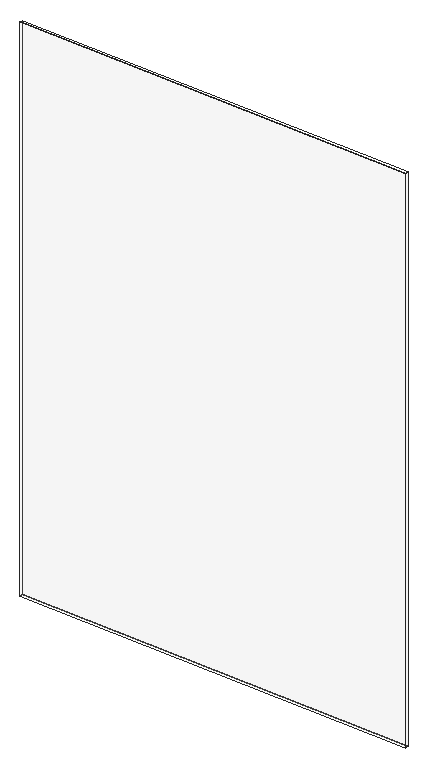
Revit family "Panel_Glass-1Layer-25mm_Interior", category Curtain Panels, Revit 2024
Family settings
  OmniClass Number = 23.25.20.14.11.11.17
  OmniClass Title = Infill Panels
  Always vertical = Yes
  Cut with Voids When Loaded = No
  Shared = No
Parameters (values of type "Default")
  Glass Thickness = 25 mm
  Glass Panel = _Default - Glass - Transparent
  EA_Repath [instance] = 0 mm
  Define Thermal Properties by = Schematic Type
  Analytic Construction = "<None>"
Reference planes
  plane 1 "Center (Front/Back)": y = 0
  plane 2: z = 0
  plane 3 "Center (Left/Right)": x = 0
  plane 4 "Left": x = -1500
  plane 5 "Right": x = 1500
  plane 6 "Top": z = 4000
  plane 7: y = 12.5
  plane 8: y = -12.5
Forms (mm)
  Extrusion 1, solid, material "_Default - Glass - Transparent" <- "Glass Panel"
    sketch origin (0, 0, 0) x (1, 0, 0) y (0, 1, 0)
      loop
        line (-1500, 12.5) -> (-1500, -12.5) -> (1500, -12.5) -> (1500, 12.5) -> (-1500, 12.5)
    from 0 to 4000
Text (mm)
  text "Exterior" at (-2351.972, 1416.179, 0), in view "Ref. Level"
  text "Exterior" at (0, 2290.741, 4406.713), in view "Left"
  text "Exterior" at (0, 1328.187, 4120.349), in view "Right"
Dimensions and locks
  equal spacing: plane 4 "Left", plane 3 "Center (Left/Right)", plane 5 "Right"
  equal spacing: plane 8, plane 1 "Center (Front/Back)", plane 7
  "Glass Thickness": plane 7 to plane 8
  aligned and locked: plane 4 "Left" to Extrusion 1 sketch curve
  aligned and locked: plane 5 "Right" to Extrusion 1 sketch curve
  aligned and locked: Extrusion 1 to plane 6 "Top"
  aligned and locked: Extrusion 1 to plane 2
  aligned and locked: Extrusion 1 to plane 8
  aligned and locked: Extrusion 1 to plane 7
Automatic sketch dimensions
  plane 1 "Center (Front/Back)" to Extrusion 1 sketch curve = 12.5 mm
  Extrusion 1 sketch curve to Extrusion 1 sketch curve = 25 mm
